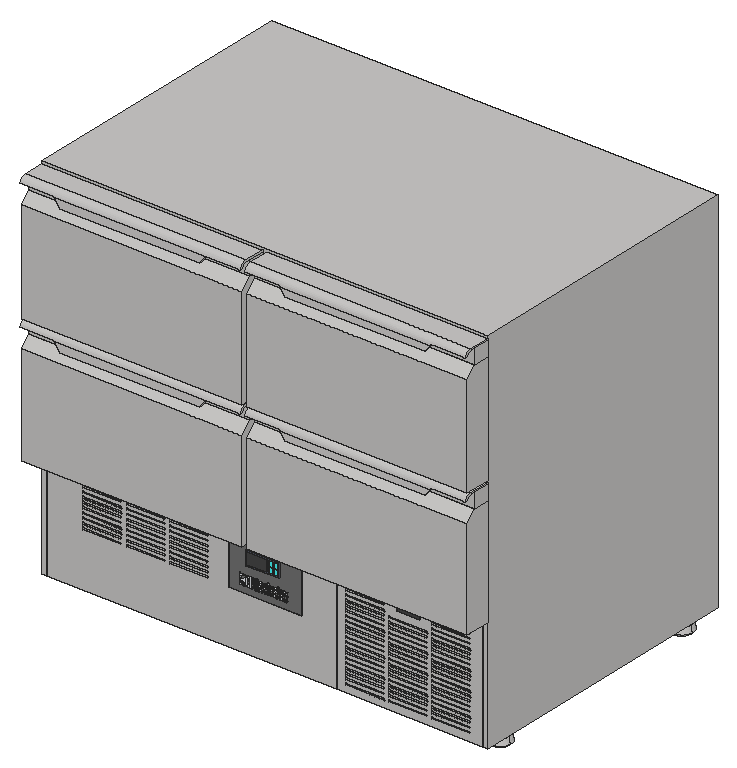
Revit family "QF_ELECTROLUXPROFESSIONAL_725112_SAL25N04", category Attrezzature speciali, Revit 2021
Family settings
  Quota connettore circolare = Usa diametro
  Tipo di parte = Normale
  Basato su piano di lavoro = No
  Sempre verticale = Sì
  Taglio con vuoti quando caricato = No
  Condiviso = No
  Punto di calcolo locali = No
Parameters (values of type "Standard")
  Weight = 85.00 kg
  Watts = 220 W
  Volts = 220 V
  URL Manufacturer = "https://www.electroluxprofessional.com/"
  URL = "https://www.electroluxprofessional.com/"
  Steam Supply Size = 0 mm
  Steam Supply Minimum Pressure = 0.0 Pa
  Steam Supply Maximum Pressure = 0.0 Pa
  Steam Consumption per Hour = 0
  Refrigeration Suction Line Size = 0 mm
  Refrigeration Liquid Line Size = 0 mm
  Refrigerant Compressor Remote = yes
  Prospetto di default = 0 mm
  Produttore = "Electrolux Professional"
  Phase = 1
  Modello = "SAL25N04"
  Length Actual = 950 mm  # constant formula
  Item Number = "725112"
  Hot Water Size = 0 mm
  Height Actual = 809 mm  # constant formula
  HP = "0.3 HP"
  Gas Size = 0 mm
  Gas KW = 0
  Gas Input Pressure = 0 W
  Direct Waste Size = 0 mm
  Descrizione = "4-DRAWER REFRIGERATED COUNTER 250L +2+10° - NO TOP R290"
  Depth Actual = 700 mm  # constant formula
  Cycle = 50 Hz
  Condensate Return Size = 0 mm
  Compressed Air Volume = 0.0 L/s
  Compressed Air Size = 0 mm
  Compressed Air Pressure = 0.0 Pa
  Cold Water Size = 0 mm
  Accessory = yes
Reference planes
  plane 1: z = 0
  plane 2 "Center (Left/Right)": x = -126.5
  plane 3 "Center (Front/Back)": y = 64.5
  plane 4 "BACK": y = 414.5
  plane 5 "FRONT": y = -285.5
  plane 6 "LEFT": x = -604
  plane 7 "RIGHT": x = 351
  plane 8 "FEET": z = 20
  plane 9 "TOP": z = 858
  plane 10 "PLAIN": z = 808
  plane 11 "EI_back": y = 414.5
  plane 12 "EI_left": x = 287.5
  plane 13 "BorderBack": y = 414.5
  plane 14 "BorderFront": y = -252.5
  plane 15 "DOOR": y = -197.5
  plane 16 "BorderLeft": x = -601.5
  plane 17 "BorderRight": x = 348.5
  plane 18: x = -576.5
  plane 19: x = 323.5
  plane 20: y = -701.5
  plane 21: z = 260
  plane 22 "FeetBack": y = 347.5
  plane 23 "FeetFront": y = -137.5
  plane 24 "FeetRight": x = 326.2
  plane 25 "FeetLeft": x = -579.2
  plane 26 "DrainX": x = -271.5
  plane 27 "DrainY": y = 91.5
  plane 28: z = 238
Forms (mm)
  Extrusion 1, solid, material "QF_Finishes_Stainless Steel"
    sketch origin (-1022.223, 359, -1763) x (-1, 0, 0) y (0, 0, -1)
      loop
        circle (-1309.723, -1883) r 5
    from -55.5 to -57.278
  Extrusion 2, solid, material "QF_Finishes_Stainless Steel"
    sketch origin (-1022.223, -1524, 20) x (-1, 0, 0) y (0, -1, 0)
      loop
        line (-420.723, -1938.5) -> (-420.723, -1326.5) -> (-1370.723, -1326.5) -> (-1370.723, -1938.5) -> (-420.723, -1938.5)
    from 0 to 788
  Extrusion 3, void
    sketch origin (0, 0, 0) x (1, 0, 0) y (0, 1, 0)
      loop
        line (-591.5, -197.5) -> (338.5, -197.5) -> (338.5, -195.5) -> (-591.5, -195.5) -> (-591.5, -197.5)
    from 20 to 260
  Extrusion 4, solid, material "QF_Finishes_Stainless Steel"
    sketch origin (0, 0, 0) x (1, 0, 0) y (0, 1, 0)
      loop
        line (-591.5, -195.5) -> (-591.5, -197.5) -> (26.373, -197.5) -> (26.373, -195.5) -> (-591.5, -195.5)
    from 20 to 260
  Extrusion 5, solid, material "QF_Finishes_Stainless Steel"
    sketch origin (0, 0, 0) x (1, 0, 0) y (0, 1, 0)
      loop
        line (26.373, -195.5) -> (26.373, -197.5) -> (338.5, -197.5) -> (338.5, -195.5) -> (26.373, -195.5)
    from 20 to 260
  Extrusion 6, void
    sketch origin (560, -285.5, 0) x (-1, 0, 0) y (0, 0, 1)
      loop
        line (514.036, 239.427) -> (431.036, 239.427) -> (431.036, 234.427) -> (514.036, 234.427) -> (514.036, 239.427)
      loop
        line (514.036, 229.427) -> (431.036, 229.427) -> (431.036, 224.427) -> (514.036, 224.427) -> (514.036, 229.427)
      loop
        line (514.036, 219.427) -> (431.036, 219.427) -> (431.036, 214.427) -> (514.036, 214.427) -> (514.036, 219.427)
      loop
        line (514.036, 209.427) -> (431.036, 209.427) -> (431.036, 204.427) -> (514.036, 204.427) -> (514.036, 209.427)
      loop
        line (514.036, 199.427) -> (431.036, 199.427) -> (431.036, 194.427) -> (514.036, 194.427) -> (514.036, 199.427)
      loop
        line (514.036, 189.427) -> (431.036, 189.427) -> (431.036, 184.427) -> (514.036, 184.427) -> (514.036, 189.427)
      loop
        line (514.036, 179.427) -> (431.036, 179.427) -> (431.036, 174.427) -> (514.036, 174.427) -> (514.036, 179.427)
      loop
        line (514.036, 169.427) -> (431.036, 169.427) -> (431.036, 164.427) -> (514.036, 164.427) -> (514.036, 169.427)
      loop
        line (514.036, 149.427) -> (431.036, 149.427) -> (431.036, 144.427) -> (514.036, 144.427) -> (514.036, 149.427)
      loop
        line (514.036, 139.427) -> (431.036, 139.427) -> (431.036, 134.427) -> (514.036, 134.427) -> (514.036, 139.427)
      loop
        line (422.036, 199.427) -> (339.036, 199.427) -> (339.036, 194.427) -> (422.036, 194.427) -> (422.036, 199.427)
      loop
        line (422.036, 189.427) -> (339.036, 189.427) -> (339.036, 184.427) -> (422.036, 184.427) -> (422.036, 189.427)
      loop
        line (422.036, 179.427) -> (339.036, 179.427) -> (339.036, 174.427) -> (422.036, 174.427) -> (422.036, 179.427)
      loop
        line (422.036, 149.427) -> (339.036, 149.427) -> (339.036, 144.427) -> (422.036, 144.427) -> (422.036, 149.427)
      loop
        line (422.036, 139.427) -> (339.036, 139.427) -> (339.036, 134.427) -> (422.036, 134.427) -> (422.036, 139.427)
      loop
        line (330.036, 239.427) -> (247.036, 239.427) -> (247.036, 234.427) -> (330.036, 234.427) -> (330.036, 239.427)
      loop
        line (330.036, 229.427) -> (247.036, 229.427) -> (247.036, 224.427) -> (330.036, 224.427) -> (330.036, 229.427)
      loop
        line (330.036, 219.427) -> (247.036, 219.427) -> (247.036, 214.427) -> (330.036, 214.427) -> (330.036, 219.427)
      loop
        line (330.036, 209.427) -> (247.036, 209.427) -> (247.036, 204.427) -> (330.036, 204.427) -> (330.036, 209.427)
      loop
        line (330.036, 199.427) -> (247.036, 199.427) -> (247.036, 194.427) -> (330.036, 194.427) -> (330.036, 199.427)
      loop
        line (330.036, 189.427) -> (247.036, 189.427) -> (247.036, 184.427) -> (330.036, 184.427) -> (330.036, 189.427)
      loop
        line (330.036, 179.427) -> (247.036, 179.427) -> (247.036, 174.427) -> (330.036, 174.427) -> (330.036, 179.427)
      loop
        line (330.036, 149.427) -> (247.036, 149.427) -> (247.036, 144.427) -> (330.036, 144.427) -> (330.036, 149.427)
      loop
        line (330.036, 139.427) -> (247.036, 139.427) -> (247.036, 134.427) -> (330.036, 134.427) -> (330.036, 139.427)
      loop
        line (422.036, 169.427) -> (339.036, 169.427) -> (339.036, 164.427) -> (422.036, 164.427) -> (422.036, 169.427)
      loop
        line (330.036, 169.427) -> (247.036, 169.427) -> (247.036, 164.427) -> (330.036, 164.427) -> (330.036, 169.427)
      loop
        line (514.036, 159.427) -> (431.036, 159.427) -> (431.036, 154.427) -> (514.036, 154.427) -> (514.036, 159.427)
      loop
        line (422.036, 159.427) -> (339.036, 159.427) -> (339.036, 154.427) -> (422.036, 154.427) -> (422.036, 159.427)
      loop
        line (330.036, 159.427) -> (247.036, 159.427) -> (247.036, 154.427) -> (330.036, 154.427) -> (330.036, 159.427)
      loop
        line (514.036, 129.427) -> (431.036, 129.427) -> (431.036, 124.427) -> (514.036, 124.427) -> (514.036, 129.427)
      loop
        line (514.036, 119.427) -> (431.036, 119.427) -> (431.036, 114.427) -> (514.036, 114.427) -> (514.036, 119.427)
      loop
        line (514.036, 109.427) -> (431.036, 109.427) -> (431.036, 104.427) -> (514.036, 104.427) -> (514.036, 109.427)
      loop
        line (514.036, 99.427) -> (431.036, 99.427) -> (431.036, 94.427) -> (514.036, 94.427) -> (514.036, 99.427)
      loop
        line (514.036, 79.427) -> (431.036, 79.427) -> (431.036, 74.427) -> (514.036, 74.427) -> (514.036, 79.427)
      loop
        line (514.036, 69.427) -> (431.036, 69.427) -> (431.036, 64.427) -> (514.036, 64.427) -> (514.036, 69.427)
      loop
        line (422.036, 129.427) -> (339.036, 129.427) -> (339.036, 124.427) -> (422.036, 124.427) -> (422.036, 129.427)
      loop
        line (422.036, 119.427) -> (339.036, 119.427) -> (339.036, 114.427) -> (422.036, 114.427) -> (422.036, 119.427)
      loop
        line (422.036, 109.427) -> (339.036, 109.427) -> (339.036, 104.427) -> (422.036, 104.427) -> (422.036, 109.427)
      loop
        line (422.036, 79.427) -> (339.036, 79.427) -> (339.036, 74.427) -> (422.036, 74.427) -> (422.036, 79.427)
      loop
        line (422.036, 69.427) -> (339.036, 69.427) -> (339.036, 64.427) -> (422.036, 64.427) -> (422.036, 69.427)
      loop
        line (330.036, 129.427) -> (247.036, 129.427) -> (247.036, 124.427) -> (330.036, 124.427) -> (330.036, 129.427)
      loop
        line (330.036, 119.427) -> (247.036, 119.427) -> (247.036, 114.427) -> (330.036, 114.427) -> (330.036, 119.427)
      loop
        line (330.036, 109.427) -> (247.036, 109.427) -> (247.036, 104.427) -> (330.036, 104.427) -> (330.036, 109.427)
      loop
        line (330.036, 79.427) -> (247.036, 79.427) -> (247.036, 74.427) -> (330.036, 74.427) -> (330.036, 79.427)
      loop
        line (330.036, 69.427) -> (247.036, 69.427) -> (247.036, 64.427) -> (330.036, 64.427) -> (330.036, 69.427)
      loop
        line (422.036, 99.427) -> (339.036, 99.427) -> (339.036, 94.427) -> (422.036, 94.427) -> (422.036, 99.427)
      loop
        line (330.036, 99.427) -> (247.036, 99.427) -> (247.036, 94.427) -> (330.036, 94.427) -> (330.036, 99.427)
      loop
        line (514.036, 89.427) -> (431.036, 89.427) -> (431.036, 84.427) -> (514.036, 84.427) -> (514.036, 89.427)
      loop
        line (422.036, 89.427) -> (339.036, 89.427) -> (339.036, 84.427) -> (422.036, 84.427) -> (422.036, 89.427)
      loop
        line (330.036, 89.427) -> (247.036, 89.427) -> (247.036, 84.427) -> (330.036, 84.427) -> (330.036, 89.427)
      loop
        line (514.036, 49.427) -> (431.036, 49.427) -> (431.036, 44.427) -> (514.036, 44.427) -> (514.036, 49.427)
      loop
        line (514.036, 39.427) -> (431.036, 39.427) -> (431.036, 34.427) -> (514.036, 34.427) -> (514.036, 39.427)
      loop
        line (422.036, 49.427) -> (339.036, 49.427) -> (339.036, 44.427) -> (422.036, 44.427) -> (422.036, 49.427)
      loop
        line (422.036, 39.427) -> (339.036, 39.427) -> (339.036, 34.427) -> (422.036, 34.427) -> (422.036, 39.427)
      loop
        line (330.036, 49.427) -> (247.036, 49.427) -> (247.036, 44.427) -> (330.036, 44.427) -> (330.036, 49.427)
      loop
        line (330.036, 39.427) -> (247.036, 39.427) -> (247.036, 34.427) -> (330.036, 34.427) -> (330.036, 39.427)
      loop
        line (514.036, 59.427) -> (431.036, 59.427) -> (431.036, 54.427) -> (514.036, 54.427) -> (514.036, 59.427)
      loop
        line (422.036, 59.427) -> (339.036, 59.427) -> (339.036, 54.427) -> (422.036, 54.427) -> (422.036, 59.427)
      loop
        line (330.036, 59.427) -> (247.036, 59.427) -> (247.036, 54.427) -> (330.036, 54.427) -> (330.036, 59.427)
      loop
        line (405.536, 239.427) -> (355.536, 239.427) -> (355.536, 214.427) -> (405.536, 214.427) -> (405.536, 239.427)
    from 88 to 90
  Extrusion 7, solid, material "QF_Finishes_Black"
    sketch origin (0, -285.5, 0) x (-1, 0, 0) y (0, 0, 1)
      loop
        line (-154.464, 239.427) -> (-204.464, 239.427) -> (-204.464, 214.427) -> (-154.464, 214.427) -> (-154.464, 239.427)
    from 88 to 90
  Extrusion 8, solid, material "QF_Finishes_Stainless Steel"
    sketch origin (-1022.223, -1524, 20) x (-1, 0, 0) y (0, -1, 0)
      loop
        circle (-750.723, -1615.5) r 6.35
    from 199.427 to 218
  Extrusion 9, void
    sketch origin (0, -285.5, 0) x (-1, 0, 0) y (0, 0, 1)
      loop
        line (514.036, 239.427) -> (431.036, 239.427) -> (431.036, 234.427) -> (514.036, 234.427) -> (514.036, 239.427)
      loop
        line (514.036, 229.427) -> (431.036, 229.427) -> (431.036, 224.427) -> (514.036, 224.427) -> (514.036, 229.427)
      loop
        line (514.036, 219.427) -> (431.036, 219.427) -> (431.036, 214.427) -> (514.036, 214.427) -> (514.036, 219.427)
      loop
        line (514.036, 209.427) -> (431.036, 209.427) -> (431.036, 204.427) -> (514.036, 204.427) -> (514.036, 209.427)
      loop
        line (514.036, 199.427) -> (431.036, 199.427) -> (431.036, 194.427) -> (514.036, 194.427) -> (514.036, 199.427)
      loop
        line (514.036, 189.427) -> (431.036, 189.427) -> (431.036, 184.427) -> (514.036, 184.427) -> (514.036, 189.427)
      loop
        line (514.036, 179.427) -> (431.036, 179.427) -> (431.036, 174.427) -> (514.036, 174.427) -> (514.036, 179.427)
      loop
        line (514.036, 169.427) -> (431.036, 169.427) -> (431.036, 164.427) -> (514.036, 164.427) -> (514.036, 169.427)
      loop
        line (514.036, 149.427) -> (431.036, 149.427) -> (431.036, 144.427) -> (514.036, 144.427) -> (514.036, 149.427)
      loop
        line (514.036, 139.427) -> (431.036, 139.427) -> (431.036, 134.427) -> (514.036, 134.427) -> (514.036, 139.427)
      loop
        line (422.036, 199.427) -> (339.036, 199.427) -> (339.036, 194.427) -> (422.036, 194.427) -> (422.036, 199.427)
      loop
        line (422.036, 189.427) -> (339.036, 189.427) -> (339.036, 184.427) -> (422.036, 184.427) -> (422.036, 189.427)
      loop
        line (422.036, 179.427) -> (339.036, 179.427) -> (339.036, 174.427) -> (422.036, 174.427) -> (422.036, 179.427)
      loop
        line (422.036, 149.427) -> (339.036, 149.427) -> (339.036, 144.427) -> (422.036, 144.427) -> (422.036, 149.427)
      loop
        line (422.036, 139.427) -> (339.036, 139.427) -> (339.036, 134.427) -> (422.036, 134.427) -> (422.036, 139.427)
      loop
        line (330.036, 239.427) -> (247.036, 239.427) -> (247.036, 234.427) -> (330.036, 234.427) -> (330.036, 239.427)
      loop
        line (330.036, 229.427) -> (247.036, 229.427) -> (247.036, 224.427) -> (330.036, 224.427) -> (330.036, 229.427)
      loop
        line (330.036, 219.427) -> (247.036, 219.427) -> (247.036, 214.427) -> (330.036, 214.427) -> (330.036, 219.427)
      loop
        line (330.036, 209.427) -> (247.036, 209.427) -> (247.036, 204.427) -> (330.036, 204.427) -> (330.036, 209.427)
      loop
        line (330.036, 199.427) -> (247.036, 199.427) -> (247.036, 194.427) -> (330.036, 194.427) -> (330.036, 199.427)
      loop
        line (330.036, 189.427) -> (247.036, 189.427) -> (247.036, 184.427) -> (330.036, 184.427) -> (330.036, 189.427)
      loop
        line (330.036, 179.427) -> (247.036, 179.427) -> (247.036, 174.427) -> (330.036, 174.427) -> (330.036, 179.427)
      loop
        line (330.036, 149.427) -> (247.036, 149.427) -> (247.036, 144.427) -> (330.036, 144.427) -> (330.036, 149.427)
      loop
        line (330.036, 139.427) -> (247.036, 139.427) -> (247.036, 134.427) -> (330.036, 134.427) -> (330.036, 139.427)
      loop
        line (422.036, 169.427) -> (339.036, 169.427) -> (339.036, 164.427) -> (422.036, 164.427) -> (422.036, 169.427)
      loop
        line (330.036, 169.427) -> (247.036, 169.427) -> (247.036, 164.427) -> (330.036, 164.427) -> (330.036, 169.427)
      loop
        line (514.036, 159.427) -> (431.036, 159.427) -> (431.036, 154.427) -> (514.036, 154.427) -> (514.036, 159.427)
      loop
        line (422.036, 159.427) -> (339.036, 159.427) -> (339.036, 154.427) -> (422.036, 154.427) -> (422.036, 159.427)
      loop
        line (330.036, 159.427) -> (247.036, 159.427) -> (247.036, 154.427) -> (330.036, 154.427) -> (330.036, 159.427)
      loop
        line (422.036, 239.427) -> (339.036, 239.427) -> (339.036, 234.427) -> (422.036, 234.427) -> (422.036, 239.427)
      loop
        line (422.036, 229.427) -> (339.036, 229.427) -> (339.036, 224.427) -> (422.036, 224.427) -> (422.036, 229.427)
      loop
        line (422.036, 219.427) -> (339.036, 219.427) -> (339.036, 214.427) -> (422.036, 214.427) -> (422.036, 219.427)
      loop
        line (422.036, 209.427) -> (339.036, 209.427) -> (339.036, 204.427) -> (422.036, 204.427) -> (422.036, 209.427)
      loop
        line (204.5, 134.427) -> (204.5, 239.427) -> (48.5, 239.427) -> (48.5, 134.427) -> (204.5, 134.427)
    from 88 to 90
Cuts and joins
  Extrusion 3, Extrusion 6, Extrusion 9 cuts Extrusion 2
  Extrusion 6, Extrusion 9 cuts Extrusion 4
  Extrusion 6 cuts Extrusion 5
Lines and regions (mm)
  symbolic lines, style "SpecialityEquipmentHiddenLines"
    curve 1: line (-601.5, 414.5, 808) -> (348.5, 414.5, 808)
    curve 2: line (-601.5, -197.5, 808) -> (348.5, -197.5, 808)
    curve 3: line (-601.5, 414.5, 808) -> (-601.5, -252.5, 808)
    curve 4: line (348.5, -252.5, 808) -> (348.5, 414.5, 808)
    curve 5: line (-601.5, -252.5, 808) -> (-131.5, -252.5, 808)
    curve 6: line (-131.5, -252.5, 808) -> (-131.5, -197.5, 808)
    curve 7: line (-121.5, -252.5, 808) -> (-121.5, -197.5, 808)
    curve 8: line (-121.5, -252.5, 808) -> (348.5, -252.5, 808)
Dimensions and locks
  equal spacing: plane 6 "LEFT", plane 2 "Center (Left/Right)", plane 7 "RIGHT"
  plane 8 "FEET" to level = 20 mm
  plane 4 "BACK" to plane 13 "BorderBack" = 0 mm
  plane 14 "BorderFront" to plane 5 "FRONT" = 33 mm
  plane 15 "DOOR" to plane 14 "BorderFront" = 55 mm
  plane 6 "LEFT" to plane 16 "BorderLeft" = 2.5 mm
  plane 17 "BorderRight" to plane 7 "RIGHT" = 2.5 mm
  plane 10 "PLAIN" to plane 8 "FEET" = 788 mm
  plane 9 "TOP" to plane 10 "PLAIN" = 50 mm
  plane 19 to plane 17 "BorderRight" = 25 mm
  plane 13 "BorderBack" to plane 11 "EI_back" = 0 mm
  plane 6 "LEFT" to plane 7 "RIGHT" = 955 mm
  plane 4 "BACK" to plane 5 "FRONT" = 700 mm
  equal spacing: plane 4 "BACK", plane 3 "Center (Front/Back)", plane 5 "FRONT"
  plane 13 "BorderBack" to plane 20 = 1116 mm
  plane 21 to plane 8 "FEET" = 240 mm
  plane 13 "BorderBack" to plane 22 "FeetBack" = 67 mm
  plane 23 "FeetFront" to plane 15 "DOOR" = 60 mm
  plane 24 "FeetRight" to plane 17 "BorderRight" = 22.3 mm
  plane 12 "EI_left" to plane 17 "BorderRight" = 61 mm
  plane 13 "BorderBack" to plane 27 "DrainY" = 323 mm
  plane 16 "BorderLeft" to plane 26 "DrainX" = 330 mm
  plane 28 to plane 8 "FEET" = 218 mm
  aligned and locked: level to plane 1
Automatic sketch dimensions
  Extrusion 1 sketch curve to plane 12 "EI_left" = 0 mm
  plane 8 "FEET" to Extrusion 1 sketch curve = 100 mm
  Extrusion 2 sketch curve to plane 4 "BACK" = 0 mm
  Extrusion 2 sketch curve to plane 17 "BorderRight" = 0 mm
  Extrusion 2 sketch curve to plane 15 "DOOR" = 0 mm
  Extrusion 2 sketch curve to plane 16 "BorderLeft" = 0 mm
  Extrusion 3 sketch curve to plane 15 "DOOR" = 0 mm
  plane 16 "BorderLeft" to Extrusion 3 sketch curve = 10 mm
  Extrusion 3 sketch curve to plane 17 "BorderRight" = 10 mm
  plane 15 "DOOR" to Extrusion 3 sketch curve = 2 mm
  Extrusion 4 sketch curve to plane 15 "DOOR" = 0 mm
  plane 16 "BorderLeft" to Extrusion 4 sketch curve = 10 mm
  plane 2 "Center (Left/Right)" to Extrusion 4 sketch curve = 152.873 mm
  plane 15 "DOOR" to Extrusion 4 sketch curve = 2 mm
  Extrusion 5 sketch curve to plane 15 "DOOR" = 0 mm
  plane 2 "Center (Left/Right)" to Extrusion 5 sketch curve = 152.873 mm
  Extrusion 5 sketch curve to plane 17 "BorderRight" = 10 mm
  plane 15 "DOOR" to Extrusion 5 sketch curve = 2 mm
  Extrusion 6 sketch curve to plane 19 = 10.536 mm  (x6)
  Extrusion 6 sketch curve to Extrusion 6 sketch curve = 0 mm  (x96)
  Extrusion 6 sketch curve to Extrusion 6 sketch curve = 83 mm  (x4)
  Extrusion 6 sketch curve to plane 21 = 20.573 mm  (x2)
  Extrusion 6 sketch curve to Extrusion 6 sketch curve = 9 mm  (x11)
  Extrusion 6 sketch curve to Extrusion 6 sketch curve = 66.5 mm
  Extrusion 6 sketch curve to Extrusion 6 sketch curve = 16.5 mm
  plane 8 "FEET" to Extrusion 6 sketch curve = 29.427 mm  (x2)
  Extrusion 6 sketch curve to Extrusion 6 sketch curve = 5 mm  (x115)
  Extrusion 6 sketch curve to Extrusion 6 sketch curve = 15 mm
  Extrusion 6 sketch curve to Extrusion 6 sketch curve = 25.5 mm
  Extrusion 7 sketch curve to plane 21 = 20.573 mm
  Extrusion 7 sketch curve to plane 19 = 119.036 mm
  Extrusion 7 sketch curve to Extrusion 7 sketch curve = 50 mm
  Extrusion 7 sketch curve to Extrusion 7 sketch curve = 25 mm
  Extrusion 8 sketch curve to plane 26 "DrainX" = 0 mm
  Extrusion 8 sketch curve to plane 27 "DrainY" = 0 mm
  curve 8 to plane 14 "BorderFront" = 0 mm
  curve 8 to plane 17 "BorderRight" = 0 mm
  curve 1 to plane 4 "BACK" = 0 mm
  curve 2 to plane 15 "DOOR" = 0 mm
  curve 5 to plane 14 "BorderFront" = 0 mm
  curve 2 to plane 16 "BorderLeft" = 0 mm
  plane 2 "Center (Left/Right)" to curve 7 = 5 mm
  curve 5 to plane 2 "Center (Left/Right)" = 5 mm
  plane 2 "Center (Left/Right)" to Extrusion 9 sketch curve = 78 mm
  plane 28 to Extrusion 9 sketch curve = 1.427 mm  (x4)
  plane 26 "DrainX" to Extrusion 9 sketch curve = 67 mm
  plane 26 "DrainX" to Extrusion 9 sketch curve = 24.464 mm  (x2)
  Extrusion 9 sketch curve to Extrusion 9 sketch curve = 0 mm  (x56)
  Extrusion 9 sketch curve to plane 26 "DrainX" = 58.536 mm
  Extrusion 9 sketch curve to Extrusion 9 sketch curve = 9 mm  (x6)
  Extrusion 9 sketch curve to Extrusion 9 sketch curve = 83 mm
  Extrusion 9 sketch curve to plane 28 = 3.573 mm  (x3)
  Extrusion 9 sketch curve to plane 28 = 13.573 mm  (x2)
  plane 18 to Extrusion 9 sketch curve = 62.464 mm  (x2)
  Extrusion 9 sketch curve to Extrusion 9 sketch curve = 5 mm  (x57)
  radius of Extrusion 1 sketch curve = 5 mm
  radius of Extrusion 8 sketch curve = 6.35 mm
Nested families
  nested 1: "HORIZREF_HALF" at (-366.5, -197.5, 531.5) x (1, 0, 0) z (0, -1, 0), type "HORIZREF_HALF"
    with Show Clearance yes
  nested 2: "HORIZREF_ELX_DISPLAY" at (-126.5, -195.5, 184.427) x (1, 0, 0) z (0, -1, 0), type "HORIZREF_ELX_DISPLAY"
    with Show Logo yes
  nested 3: "HORIZREF_FEET20" at (326.2, -137.5, 0), type "HORIZREF_FEET20"
  nested 4: "HORIZREF_FEET20" at (326.2, 347.5, 0), type "HORIZREF_FEET20"
  nested 5: "HORIZREF_FEET20" at (-579.2, -137.5, 0), type "HORIZREF_FEET20"
  nested 6: "HORIZREF_FEET20" at (-579.2, 347.5, 0), type "HORIZREF_FEET20"
  nested 7: "HORIZREF_HALF" at (113.5, -197.5, 531.5) x (1, 0, 0) z (0, -1, 0), type "HORIZREF_HALF"
    with Show Clearance yes
  nested 8: "Refrigerator" at (351, -285.5, 808), type "Refrigerator"
Connectors
  electrical at (287.5, 416.278, 120), driven by "Volts"
    settings: on Extrusion 1, index 1, voltage 220 V, apparent load 0 VA, apparent load phase1 0 VA, apparent load phase2 0 VA, apparent load phase3 0 VA, power factor 1, load classification "Other", number of poles 1, system type 31, power factor state 1, is connector primary yes, connector utility no, sub classification motor no, connector description "Electrical Connection"
  piping at (-271.5, 91.5, 219.427), diameter 12.7
    settings: on Extrusion 8, index 2, connector inside diameter 609.6 mm, connector length 0 mm, flow factor 0, pipe flow 0.0 L/s, pressure drop 0.0 Pa, fitting loss kfactor 0, connector angle 0.00°, fixture units 0, engagement length 0 mm, angle of deflection 0.00°, flow configuration 0, flow direction 2, fitting loss method 0, system type 16, joint type 0, gender type 0, connector reference index -1, connector utility 0, adjustable connector no, is connector primary yes, connector description "Drain"
Definition of nested family "HORIZREF_HALF"
  Parameters
    Show Clearance [instance] = yes
    Default Elevation = 1219.2 mm
  Reference planes
    plane 1 "Centro (Fronte/Retro)": y = 0
    plane 2: z = 0
    plane 3 "Centro (Sinistra/Destra)": x = 0
    plane 4 "Left": x = -235
    plane 5 "Right": x = 235
    plane 6: y = -271.5
    plane 7: y = 271.5
  Forms (mm)
    Extrusion 1, solid
      sketch origin (0, 0, 0) x (1, 0, 0) y (0, 1, 0)
        loop
          line (-1219.2, 1219.2) -> (-1219.2, -1219.2) -> (1219.2, -1219.2) -> (1219.2, 1219.2) -> (-1219.2, 1219.2)
      from 0 to -304.8
    Extrusion 2, solid
      sketch origin (0, -42.5, -3) x (0, 1, 0) y (0, 0, 1)
        loop
          line (42.5, 58) -> (42.5, 3) -> (279.183, 3) -> (279.183, 37.596) -> (258.779, 58) -> (42.5, 58)
      from -235 to 235
    Extrusion 3, solid
      sketch origin (0, -42.5, 0) x (0, 1, 0) y (0, 0, 1)
        loop
          line (314, 0) -> (314, 44.493)
          arc (314, 44.493) -> (310.059, 54.627) -> (300.307, 59.436) r 15
          line (300.307, 59.436) -> (285.612, 60.721) -> (285.351, 57.733) -> (300.046, 56.447)
          arc (300.046, 56.447) -> (307.847, 52.6) -> (311, 44.493) r 12
          line (311, 44.493) -> (311, 0) -> (314, 0)
      from -235 to 235
    Extrusion 4, void
      sketch origin (0, -42.5, 0) x (1, 0, 0) y (0, 1, 0)
        loop
          line (-235, 285.351) -> (-147.017, 285.351)
          arc (-147.017, 285.351) -> (-148.802, 285.771) -> (-150.212, 286.944) r 4
          line (-150.212, 286.944) -> (-160.798, 300.992)
          arc (-160.798, 300.992) -> (-162.208, 302.165) -> (-163.992, 302.585) r 4
          line (-163.992, 302.585) -> (-235, 302.585) -> (-235, 285.351)
        loop
          line (235, 285.351) -> (235, 302.585) -> (163.992, 302.585)
          arc (163.992, 302.585) -> (162.208, 302.165) -> (160.798, 300.992) r 4
          line (160.798, 300.992) -> (150.212, 286.944)
          arc (150.212, 286.944) -> (148.802, 285.771) -> (147.017, 285.351) r 4
          line (147.017, 285.351) -> (235, 285.351)
      from 29.294 to 84.515
    Extrusion 5, solid
      sketch origin (0, -42.5, -3) x (0, 1, 0) y (0, 0, 1)
        loop
          line (279.183, 37.596) -> (279.183, 3) -> (311, 3) -> (311, 37.596) -> (279.183, 37.596)
      from -235 to 235
    Extrusion 6, solid
      sketch origin (0, -42.5, -3) x (0, 1, 0) y (0, 0, 1)
        loop
          line (-229, 58) -> (-229, 3) -> (4.183, 3) -> (4.183, 37.596) -> (-16.221, 58) -> (-229, 58)
      from -235 to 235
    Extrusion 7, solid
      sketch origin (0, -317.5, 0) x (0, 1, 0) y (0, 0, 1)
        loop
          line (314, 0) -> (314, 44.493)
          arc (314, 44.493) -> (310.059, 54.627) -> (300.307, 59.436) r 15
          line (300.307, 59.436) -> (285.612, 60.721) -> (285.351, 57.733) -> (300.046, 56.447)
          arc (300.046, 56.447) -> (307.847, 52.6) -> (311, 44.493) r 12
          line (311, 44.493) -> (311, 0) -> (314, 0)
      from -235 to 235
    Extrusion 8, solid
      sketch origin (0, -317.5, -3) x (0, 1, 0) y (0, 0, 1)
        loop
          line (279.183, 37.596) -> (279.183, 3) -> (311, 3) -> (311, 37.596) -> (279.183, 37.596)
      from -235 to 235
    Extrusion 9, solid, detail levels coarse
      sketch origin (0, -42.5, 446) x (0, 1, 0) y (0, 0, 1)
        loop
          line (42.5, 58) -> (42.5, 3) -> (279.183, 3) -> (279.183, 37.596) -> (258.779, 58) -> (42.5, 58)
      from -235 to 235
    Extrusion 10, solid, detail levels coarse
      sketch origin (0, -42.5, 446) x (0, 1, 0) y (0, 0, 1)
        loop
          line (-229, 58) -> (-229, 3) -> (4.183, 3) -> (4.183, 37.596) -> (-16.221, 58) -> (-229, 58)
      from -235 to 235
    Extrusion 11, solid, detail levels coarse
      sketch origin (0, -42.5, 454) x (0, 1, 0) y (0, 0, 1)
        loop
          line (314, -5) -> (314, 39.493)
          arc (314, 39.493) -> (310.059, 49.627) -> (300.307, 54.436) r 15
          line (300.307, 54.436) -> (285.612, 55.721) -> (285.351, 52.733) -> (300.046, 51.447)
          arc (300.046, 51.447) -> (307.847, 47.6) -> (311, 39.493) r 12
          line (311, 39.493) -> (311, -5) -> (314, -5)
      from -235 to 235
    Extrusion 12, solid, detail levels coarse
      sketch origin (0, -317.5, 454) x (0, 1, 0) y (0, 0, 1)
        loop
          line (314, -5) -> (314, 39.493)
          arc (314, 39.493) -> (310.059, 49.627) -> (300.307, 54.436) r 15
          line (300.307, 54.436) -> (285.612, 55.721) -> (285.351, 52.733) -> (300.046, 51.447)
          arc (300.046, 51.447) -> (307.847, 47.6) -> (311, 39.493) r 12
          line (311, 39.493) -> (311, -5) -> (314, -5)
      from -235 to 235
    Extrusion 13, void
      sketch origin (0, -42.5, 0) x (1, 0, 0) y (0, 1, 0)
        loop
          line (-235, 285.351) -> (-147.017, 285.351)
          arc (-147.017, 285.351) -> (-148.802, 285.771) -> (-150.212, 286.944) r 4
          line (-150.212, 286.944) -> (-160.798, 300.992)
          arc (-160.798, 300.992) -> (-162.208, 302.165) -> (-163.992, 302.585) r 4
          line (-163.992, 302.585) -> (-235, 302.585) -> (-235, 285.351)
        loop
          line (235, 285.351) -> (235, 302.585) -> (163.992, 302.585)
          arc (163.992, 302.585) -> (162.208, 302.165) -> (160.798, 300.992) r 4
          line (160.798, 300.992) -> (150.212, 286.944)
          arc (150.212, 286.944) -> (148.802, 285.771) -> (147.017, 285.351) r 4
          line (147.017, 285.351) -> (235, 285.351)
      from 489.516 to 524.362
    Extrusion 14, void
      sketch origin (0, -317.5, 0) x (1, 0, 0) y (0, 1, 0)
        loop
          line (-235, 285.351) -> (-147.017, 285.351)
          arc (-147.017, 285.351) -> (-148.802, 285.771) -> (-150.212, 286.944) r 4
          line (-150.212, 286.944) -> (-160.798, 300.992)
          arc (-160.798, 300.992) -> (-162.208, 302.165) -> (-163.992, 302.585) r 4
          line (-163.992, 302.585) -> (-235, 302.585) -> (-235, 285.351)
        loop
          line (235, 285.351) -> (235, 302.585) -> (163.992, 302.585)
          arc (163.992, 302.585) -> (162.208, 302.165) -> (160.798, 300.992) r 4
          line (160.798, 300.992) -> (150.212, 286.944)
          arc (150.212, 286.944) -> (148.802, 285.771) -> (147.017, 285.351) r 4
          line (147.017, 285.351) -> (235, 285.351)
      from 489.516 to 524.362
    Extrusion 15, solid, detail levels coarse
      sketch origin (0, -42.5, 446) x (0, 1, 0) y (0, 0, 1)
        loop
          line (279.183, 37.596) -> (279.183, 3) -> (311, 3) -> (311, 37.596) -> (279.183, 37.596)
      from -235 to 235
    Extrusion 16, solid, detail levels coarse
      sketch origin (0, -317.5, 446) x (0, 1, 0) y (0, 0, 1)
        loop
          line (279.183, 37.596) -> (279.183, 3) -> (311, 3) -> (311, 37.596) -> (279.183, 37.596)
      from -235 to 235
    Extrusion 17, void
      sketch origin (0, -317.5, 0) x (1, 0, 0) y (0, 1, 0)
        loop
          line (-235, 285.351) -> (-147.017, 285.351)
          arc (-147.017, 285.351) -> (-148.802, 285.771) -> (-150.212, 286.944) r 4
          line (-150.212, 286.944) -> (-160.798, 300.992)
          arc (-160.798, 300.992) -> (-162.208, 302.165) -> (-163.992, 302.585) r 4
          line (-163.992, 302.585) -> (-235, 302.585) -> (-235, 285.351)
        loop
          line (235, 285.351) -> (235, 302.585) -> (163.992, 302.585)
          arc (163.992, 302.585) -> (162.208, 302.165) -> (160.798, 300.992) r 4
          line (160.798, 300.992) -> (150.212, 286.944)
          arc (150.212, 286.944) -> (148.802, 285.771) -> (147.017, 285.351) r 4
          line (147.017, 285.351) -> (235, 285.351)
      from 43.914 to 69.256
    Extrusion 18, solid, detail levels coarse
      sketch origin (0, 0, 0) x (0, 1, 0) y (0, 0, 1)
        loop
          line (0, 449) -> (0, 55) -> (200, 55) -> (200, 449) -> (0, 449)
        loop
          line (-271.5, 449) -> (-271.5, 55) -> (-71.5, 55) -> (-71.5, 449) -> (-271.5, 449)
      from -164 to 164
  Cuts and joins
    Extrusion 4, Extrusion 13 cuts Extrusion 3
    Extrusion 13 cuts Extrusion 5
    Extrusion 14, Extrusion 17 cuts Extrusion 7
    Extrusion 14 cuts Extrusion 8
    Extrusion 14, Extrusion 17 cuts Extrusion 12
    Extrusion 13 cuts Extrusion 11
  Lines and regions (mm)
    symbolic lines
      curve 1: line (164, 0, 239) -> (164, 0, 88)
      curve 2: line (-164, 0, 239) -> (-164, 0, 88)
      curve 3: line (235, 0, 454) -> (235, 0, 504.219)
      curve 4: line (-235, 0, 454) -> (235, 0, 454)
      curve 5: line (-235, 0, 504.219) -> (-235, 0, 454)
      curve 6: line (-235, 0, 504.219) -> (235, 0, 504.219)
      curve 7: line (235, 0, 239) -> (235, 0, 294)
      curve 8: line (-235, 0, 239) -> (235, 0, 239)
      curve 9: line (-235, 0, 294) -> (-235, 0, 239)
      curve 10: line (-235, 0, 294) -> (235, 0, 294)
      curve 11: line (164, 0, 454) -> (164, 0, 294)
      curve 12: line (-164, 0, 454) -> (-164, 0, 294)
  Dimensions and locks
    plane 4 "Left" to plane 3 "Centro (Sinistra/Destra)" to plane 5 "Right" = 235 mm, 235 mm
    equal spacing: plane 7, plane 1 "Centro (Fronte/Retro)", plane 6
    plane 7 to plane 6 = 543 mm
    aligned and locked: plane 2 to Extrusion 1
    aligned and locked: level to Extrusion 1
  Automatic sketch dimensions
    Extrusion 1 sketch curve to Extrusion 1 sketch curve = 2438.4 mm  (x2)
    Extrusion 2 sketch curve to plane 1 "Centro (Fronte/Retro)" = 0 mm
    Extrusion 2 sketch curve to level = 0 mm
    Extrusion 2 sketch curve to plane 7 = 55.221 mm
    Extrusion 2 sketch curve to Extrusion 2 sketch curve = 20.404 mm  (x2)
    level to Extrusion 2 sketch curve = 34.596 mm
    Extrusion 3 sketch curve to Extrusion 3 sketch curve = 0 mm  (x2)
    Extrusion 3 sketch curve to level = 0 mm
    Extrusion 3 sketch curve to plane 7 = 0 mm
    Extrusion 3 sketch curve to Extrusion 3 sketch curve = 3 mm
    Extrusion 3 sketch curve to plane 7 = 13.693 mm
    Extrusion 3 sketch curve to Extrusion 3 sketch curve = 0.261 mm  (x2)
    Extrusion 3 sketch curve to Extrusion 3 sketch curve = 1.046 mm
    Extrusion 3 sketch curve to Extrusion 3 sketch curve = 14.695 mm
    level to Extrusion 3 sketch curve = 44.493 mm
    Extrusion 4 sketch curve to plane 4 "Left" = 0 mm
    Extrusion 4 sketch curve to plane 5 "Right" = 0 mm
    Extrusion 4 sketch curve to plane 7 = 11.415 mm
    Extrusion 4 sketch curve to Extrusion 4 sketch curve = 71.008 mm
    Extrusion 4 sketch curve to plane 7 = 13.008 mm  (x2)
    Extrusion 4 sketch curve to Extrusion 4 sketch curve = 3.195 mm  (x4)
    Extrusion 4 sketch curve to plane 7 = 27.056 mm  (x2)
    Extrusion 4 sketch curve to Extrusion 4 sketch curve = 10.586 mm  (x2)
    Extrusion 4 sketch curve to plane 7 = 24.649 mm
    Extrusion 4 sketch curve to plane 5 "Right" = 87.983 mm
    Extrusion 4 sketch curve to Extrusion 4 sketch curve = 17.234 mm
    Extrusion 4 sketch curve to Extrusion 4 sketch curve = 2.407 mm
    Extrusion 4 sketch curve to Extrusion 4 sketch curve = 0 mm  (x2)
    Extrusion 5 sketch curve to level = 0 mm
    Extrusion 5 sketch curve to plane 7 = 34.817 mm
    Extrusion 5 sketch curve to plane 7 = 3 mm
    level to Extrusion 5 sketch curve = 34.596 mm
    Extrusion 6 sketch curve to plane 6 = 0 mm
    Extrusion 6 sketch curve to level = 0 mm
    plane 1 "Centro (Fronte/Retro)" to Extrusion 6 sketch curve = 58.721 mm
    Extrusion 6 sketch curve to Extrusion 6 sketch curve = 20.404 mm  (x2)
    Extrusion 6 sketch curve to Extrusion 6 sketch curve = 34.596 mm
    Extrusion 7 sketch curve to Extrusion 7 sketch curve = 0 mm  (x2)
    Extrusion 7 sketch curve to level = 0 mm
    plane 1 "Centro (Fronte/Retro)" to Extrusion 7 sketch curve = 32.149 mm
    Extrusion 7 sketch curve to Extrusion 7 sketch curve = 0.261 mm  (x2)
    plane 1 "Centro (Fronte/Retro)" to Extrusion 7 sketch curve = 18.5 mm
    Extrusion 7 sketch curve to Extrusion 7 sketch curve = 1.046 mm
    plane 1 "Centro (Fronte/Retro)" to Extrusion 7 sketch curve = 6.5 mm
    Extrusion 7 sketch curve to Extrusion 7 sketch curve = 3 mm
    Extrusion 7 sketch curve to Extrusion 7 sketch curve = 44.493 mm
    Extrusion 8 sketch curve to level = 0 mm
    plane 1 "Centro (Fronte/Retro)" to Extrusion 8 sketch curve = 38.317 mm
    plane 1 "Centro (Fronte/Retro)" to Extrusion 8 sketch curve = 6.5 mm
    Extrusion 8 sketch curve to Extrusion 8 sketch curve = 34.596 mm
    Extrusion 9 sketch curve to plane 1 "Centro (Fronte/Retro)" = 0 mm
    Extrusion 9 sketch curve to plane 7 = 55.221 mm
    Extrusion 9 sketch curve to Extrusion 9 sketch curve = 20.404 mm  (x2)
    level to Extrusion 9 sketch curve = 449 mm
    Extrusion 9 sketch curve to Extrusion 9 sketch curve = 34.596 mm
    Extrusion 10 sketch curve to plane 6 = 0 mm
    plane 1 "Centro (Fronte/Retro)" to Extrusion 10 sketch curve = 58.721 mm
    Extrusion 10 sketch curve to Extrusion 10 sketch curve = 20.404 mm  (x2)
    level to Extrusion 10 sketch curve = 449 mm
    Extrusion 10 sketch curve to Extrusion 10 sketch curve = 34.596 mm
    Extrusion 11 sketch curve to Extrusion 11 sketch curve = 0 mm  (x2)
    Extrusion 11 sketch curve to plane 7 = 0 mm
    Extrusion 11 sketch curve to plane 7 = 3 mm
    Extrusion 11 sketch curve to plane 7 = 13.693 mm
    Extrusion 11 sketch curve to Extrusion 11 sketch curve = 0.261 mm  (x2)
    Extrusion 11 sketch curve to Extrusion 11 sketch curve = 1.046 mm
    Extrusion 11 sketch curve to Extrusion 11 sketch curve = 14.695 mm
    level to Extrusion 11 sketch curve = 449 mm
    Extrusion 11 sketch curve to Extrusion 11 sketch curve = 44.493 mm
    Extrusion 12 sketch curve to Extrusion 12 sketch curve = 0 mm  (x2)
    plane 1 "Centro (Fronte/Retro)" to Extrusion 12 sketch curve = 32.149 mm
    Extrusion 12 sketch curve to Extrusion 12 sketch curve = 0.261 mm  (x2)
    plane 1 "Centro (Fronte/Retro)" to Extrusion 12 sketch curve = 18.5 mm
    Extrusion 12 sketch curve to Extrusion 12 sketch curve = 1.046 mm
    plane 1 "Centro (Fronte/Retro)" to Extrusion 12 sketch curve = 6.5 mm
    Extrusion 12 sketch curve to Extrusion 12 sketch curve = 3 mm
    level to Extrusion 12 sketch curve = 449 mm
    Extrusion 12 sketch curve to Extrusion 12 sketch curve = 44.493 mm
    Extrusion 13 sketch curve to plane 4 "Left" = 0 mm
    Extrusion 13 sketch curve to plane 5 "Right" = 0 mm
    Extrusion 13 sketch curve to plane 7 = 11.415 mm
    Extrusion 13 sketch curve to Extrusion 13 sketch curve = 71.008 mm
    Extrusion 13 sketch curve to plane 7 = 13.008 mm  (x2)
    Extrusion 13 sketch curve to Extrusion 13 sketch curve = 3.195 mm  (x4)
    Extrusion 13 sketch curve to plane 7 = 27.056 mm  (x2)
    Extrusion 13 sketch curve to Extrusion 13 sketch curve = 10.586 mm  (x2)
    Extrusion 13 sketch curve to plane 7 = 24.649 mm
    Extrusion 13 sketch curve to plane 5 "Right" = 87.983 mm
    Extrusion 13 sketch curve to Extrusion 13 sketch curve = 17.234 mm
    Extrusion 13 sketch curve to Extrusion 13 sketch curve = 2.407 mm
    Extrusion 13 sketch curve to Extrusion 13 sketch curve = 0 mm  (x2)
    Extrusion 14 sketch curve to plane 4 "Left" = 0 mm
    Extrusion 14 sketch curve to plane 5 "Right" = 0 mm
    plane 1 "Centro (Fronte/Retro)" to Extrusion 14 sketch curve = 14.915 mm
    Extrusion 14 sketch curve to Extrusion 14 sketch curve = 71.008 mm
    plane 1 "Centro (Fronte/Retro)" to Extrusion 14 sketch curve = 16.508 mm  (x2)
    Extrusion 14 sketch curve to Extrusion 14 sketch curve = 3.195 mm  (x4)
    plane 1 "Centro (Fronte/Retro)" to Extrusion 14 sketch curve = 30.556 mm  (x2)
    Extrusion 14 sketch curve to Extrusion 14 sketch curve = 10.586 mm  (x2)
    plane 1 "Centro (Fronte/Retro)" to Extrusion 14 sketch curve = 28.149 mm
    Extrusion 14 sketch curve to plane 5 "Right" = 87.983 mm
    Extrusion 14 sketch curve to Extrusion 14 sketch curve = 17.234 mm
    Extrusion 14 sketch curve to Extrusion 14 sketch curve = 2.407 mm
    Extrusion 14 sketch curve to Extrusion 14 sketch curve = 0 mm  (x2)
    Extrusion 15 sketch curve to plane 7 = 34.817 mm
    Extrusion 15 sketch curve to plane 7 = 3 mm
    level to Extrusion 15 sketch curve = 449 mm
    Extrusion 15 sketch curve to Extrusion 15 sketch curve = 34.596 mm
    plane 1 "Centro (Fronte/Retro)" to Extrusion 16 sketch curve = 38.317 mm
    plane 1 "Centro (Fronte/Retro)" to Extrusion 16 sketch curve = 6.5 mm
    level to Extrusion 16 sketch curve = 449 mm
    Extrusion 16 sketch curve to Extrusion 16 sketch curve = 34.596 mm
    Extrusion 17 sketch curve to plane 4 "Left" = 0 mm
    Extrusion 17 sketch curve to plane 5 "Right" = 0 mm
    plane 1 "Centro (Fronte/Retro)" to Extrusion 17 sketch curve = 14.915 mm
    Extrusion 17 sketch curve to Extrusion 17 sketch curve = 71.008 mm
    plane 1 "Centro (Fronte/Retro)" to Extrusion 17 sketch curve = 16.508 mm  (x2)
    Extrusion 17 sketch curve to Extrusion 17 sketch curve = 3.195 mm  (x4)
    plane 1 "Centro (Fronte/Retro)" to Extrusion 17 sketch curve = 30.556 mm  (x2)
    Extrusion 17 sketch curve to Extrusion 17 sketch curve = 10.586 mm  (x2)
    plane 1 "Centro (Fronte/Retro)" to Extrusion 17 sketch curve = 28.149 mm
    Extrusion 17 sketch curve to plane 5 "Right" = 87.983 mm
    Extrusion 17 sketch curve to Extrusion 17 sketch curve = 17.234 mm
    Extrusion 17 sketch curve to Extrusion 17 sketch curve = 2.407 mm
    Extrusion 17 sketch curve to Extrusion 17 sketch curve = 0 mm  (x2)
    Extrusion 18 sketch curve to plane 6 = 0 mm
    Extrusion 18 sketch curve to plane 1 "Centro (Fronte/Retro)" = 0 mm
    plane 1 "Centro (Fronte/Retro)" to Extrusion 18 sketch curve = 71.5 mm
    Extrusion 18 sketch curve to plane 7 = 71.5 mm
    level to Extrusion 18 sketch curve = 55 mm  (x2)
    Extrusion 18 sketch curve to Extrusion 18 sketch curve = 394 mm
    Extrusion 18 sketch curve to Extrusion 18 sketch curve = 0 mm
    curve 6 to plane 4 "Left" = 0 mm
    curve 9 to plane 4 "Left" = 0 mm
    curve 10 to plane 5 "Right" = 0 mm
    curve 6 to plane 5 "Right" = 0 mm
    level to curve 9 = 239 mm
    curve 8 to curve 10 = 55 mm
    curve 7 to curve 3 = 160 mm
    curve 4 to curve 6 = 50.219 mm
    plane 4 "Left" to curve 12 = 71 mm
    curve 12 to curve 2 = 0 mm
    curve 11 to plane 5 "Right" = 71 mm
    curve 1 to plane 5 "Right" = 71 mm
    level to curve 2 = 88 mm
    level to curve 1 = 88 mm
Definition of nested family "HORIZREF_ELX_DISPLAY"
  Parameters
    Show Logo [instance] = yes
    Default Elevation = 1219.2 mm
  Reference planes
    plane 1 "Centro (Fronte/Retro)": y = 0
    plane 2: z = 0
    plane 3 "Centro (Sinistra/Destra)": x = 0
  Forms (mm)
    Extrusion 1, solid
      sketch origin (0, 0, 0) x (1, 0, 0) y (0, 1, 0)
        loop
          line (-1219.2, 1219.2) -> (-1219.2, -1219.2) -> (1219.2, -1219.2) -> (1219.2, 1219.2) -> (-1219.2, 1219.2)
      from 0 to -304.8
    Extrusion 2, solid
      sketch origin (-117.256, -247.111, 0) x (1, 0, 0) y (0, 1, 0)
        loop
          line (77.927, 232.209) -> (77.927, 212.414)
          arc (77.927, 212.414) -> (85.244, 222.312) -> (77.927, 232.209) r 10.352
        loop
          arc (76.92, 232.209) -> (68.688, 230.338) -> (64.721, 222.885) r 10.145
          line (64.721, 222.885) -> (67.996, 222.885)
          arc (67.996, 222.885) -> (73.846, 225.26) -> (76.92, 230.776) r 9.509
          line (76.92, 230.776) -> (76.92, 232.209)
        loop
          arc (76.92, 213.848) -> (73.846, 219.363) -> (67.996, 221.738) r 9.509
          line (67.996, 221.738) -> (64.721, 221.738)
          arc (64.721, 221.738) -> (68.681, 214.224) -> (76.92, 212.16) r 10.411
          line (76.92, 212.16) -> (76.92, 213.848)
        loop
          line (63.97, 233.289) -> (63.97, 211.289) -> (86, 211.289) -> (86, 233.289) -> (63.97, 233.289)
      from 2 to 3.6
    Extrusion 3, solid
      sketch origin (-117.256, -247.111, 0) x (1, 0, 0) y (0, 1, 0)
        loop
          line (98.829, 233.259) -> (91.393, 233.259) -> (91.393, 224.6)
          arc (91.393, 224.6) -> (92.372, 222.237) -> (94.734, 221.259) r 3.341
          line (94.734, 221.259) -> (98.973, 221.259) -> (98.973, 223.201) -> (95.218, 223.201)
          arc (95.218, 223.201) -> (93.984, 223.618) -> (93.459, 224.81) r 1.615
          line (93.459, 224.81) -> (93.459, 226.527) -> (98.508, 226.527) -> (98.508, 228.477) -> (93.459, 228.477) -> (93.459, 231.315) -> (98.829, 231.315) -> (98.829, 233.259)
        loop
          line (100.441, 233.259) -> (100.441, 221.259) -> (102.508, 221.259) -> (102.508, 233.259) -> (100.441, 233.259)
        loop
          line (145.333, 233.259) -> (145.333, 221.259) -> (147.401, 221.259) -> (147.401, 233.259) -> (145.333, 233.259)
        loop
          line (105.926, 225.091) -> (112.709, 225.091)
          arc (112.709, 225.091) -> (111.648, 228.817) -> (108.02, 230.176) r 4.298
          arc (108.02, 230.176) -> (104.824, 228.555) -> (103.912, 225.091) r 4.373
          arc (103.912, 225.091) -> (105.112, 222.194) -> (108.01, 220.994) r 4.097
          arc (108.01, 220.994) -> (110.264, 221.326) -> (112.155, 222.599) r 5.15
          line (112.155, 222.599) -> (110.93, 223.823)
          arc (110.93, 223.823) -> (109.323, 222.859) -> (107.456, 223.021) r 3.039
          arc (107.456, 223.021) -> (106.317, 223.78) -> (105.926, 225.091) r 2.013
        loop
          line (105.978, 226.544) -> (110.632, 226.544)
          arc (110.632, 226.544) -> (109.979, 227.918) -> (108.544, 228.425) r 1.983
          arc (108.544, 228.425) -> (106.888, 227.993) -> (105.978, 226.544) r 2.321
        loop
          line (120.766, 227.409) -> (122.064, 228.707)
          arc (122.064, 228.707) -> (120.436, 229.885) -> (118.459, 230.237) r 4.497
          arc (118.459, 230.237) -> (115.442, 229.135) -> (113.859, 226.34) r 4.652
          arc (113.859, 226.34) -> (116.527, 221.441) -> (121.991, 222.571) r 4.684
          line (121.991, 222.571) -> (120.7, 223.861)
          arc (120.7, 223.861) -> (117.914, 222.94) -> (115.918, 225.091) r 2.714
          arc (115.918, 225.091) -> (116.057, 226.792) -> (117.228, 228.033) r 2.578
          arc (117.228, 228.033) -> (119.103, 228.319) -> (120.766, 227.409) r 2.961
        loop
          line (123.333, 233.259) -> (123.333, 225.058)
          arc (123.333, 225.058) -> (123.512, 223.828) -> (123.973, 222.673) r 5.301
          arc (123.973, 222.673) -> (125.448, 221.5) -> (127.317, 221.253) r 3.531
          line (127.317, 221.253) -> (127.317, 223.19)
          arc (127.317, 223.19) -> (126.761, 223.233) -> (126.243, 223.438) r 1.862
          arc (126.243, 223.438) -> (125.579, 224.14) -> (125.401, 225.091) r 1.713
          line (125.401, 225.091) -> (125.401, 228.06) -> (127.278, 228.06) -> (127.278, 229.938) -> (125.401, 229.938) -> (125.401, 233.259) -> (123.333, 233.259)
        loop
          arc (131.067, 225.821) -> (131.215, 226.686) -> (131.641, 227.453) r 2.607
          arc (131.641, 227.453) -> (132.879, 228.089) -> (134.271, 228.06) r 2.84
          line (134.271, 228.06) -> (134.271, 230.047)
          arc (134.271, 230.047) -> (132.453, 229.875) -> (131.067, 228.687) r 3.016
          line (131.067, 228.687) -> (131.067, 229.938) -> (129.017, 229.938) -> (129.017, 221.259) -> (131.067, 221.259) -> (131.067, 225.821)
        loop
          circle (139.325, 225.597) r 4.599
        loop
          circle (139.325, 225.597) r 2.787
        loop
          arc (154.856, 224.873) -> (154.346, 223.47) -> (152.961, 222.911) r 1.835
          arc (152.961, 222.911) -> (151.577, 223.47) -> (151.067, 224.873) r 1.835
          line (151.067, 224.873) -> (151.067, 229.938) -> (148.982, 229.938) -> (148.982, 224.701)
          arc (148.982, 224.701) -> (150.168, 221.997) -> (152.961, 221.039) r 3.675
          arc (152.961, 221.039) -> (155.786, 222.026) -> (156.94, 224.786) r 3.675
          line (156.94, 224.786) -> (156.94, 229.938) -> (154.856, 229.938) -> (154.856, 224.873)
        loop
          line (158.189, 229.938) -> (161.191, 225.862) -> (157.893, 221.256) -> (160.115, 221.256) -> (162.304, 224.313) -> (164.525, 221.256) -> (166.733, 221.256) -> (163.482, 225.91) -> (166.455, 229.938) -> (164.198, 229.938) -> (162.297, 227.361) -> (160.425, 229.938) -> (158.189, 229.938)
        loop
          line (92.555, 216.284) -> (90.907, 216.284) -> (90.907, 212.134) -> (91.809, 212.134) -> (91.809, 213.563) -> (92.806, 213.563)
          arc (92.806, 213.563) -> (93.922, 215.038) -> (92.555, 216.284) r 1.372
        loop
          arc (92.767, 214.378) -> (93.108, 214.912) -> (92.767, 215.445) r 0.587
          line (92.767, 215.445) -> (91.809, 215.445) -> (91.809, 214.378) -> (92.767, 214.378)
        loop
          line (99.067, 216.284) -> (97.391, 216.284) -> (97.391, 212.134) -> (98.293, 212.134) -> (98.293, 213.563) -> (99.165, 213.563) -> (99.762, 212.134) -> (100.731, 212.134) -> (99.915, 213.884)
          arc (99.915, 213.884) -> (100.306, 214.351) -> (100.437, 214.946) r 1.281
          arc (100.437, 214.946) -> (100.025, 215.894) -> (99.067, 216.284) r 1.37
        loop
          line (98.293, 215.445) -> (98.293, 214.378) -> (99.25, 214.378)
          arc (99.25, 214.378) -> (99.592, 214.912) -> (99.25, 215.445) r 0.587
          line (99.25, 215.445) -> (98.293, 215.445)
        loop
          circle (106.029, 214.209) r 2.156
        loop
          circle (106.029, 214.209) r 1.368
        loop
          line (111.728, 216.284) -> (111.728, 212.134) -> (112.608, 212.134) -> (112.608, 213.584) -> (114.17, 213.584) -> (114.17, 214.514) -> (112.608, 214.514) -> (112.608, 215.39) -> (114.32, 215.39) -> (114.32, 216.284) -> (111.728, 216.284)
        loop
          line (117.82, 216.284) -> (117.82, 213.482)
          arc (117.82, 213.482) -> (118.202, 212.532) -> (119.147, 212.137) r 1.327
          line (119.147, 212.137) -> (120.486, 212.137) -> (120.486, 212.921) -> (119.227, 212.921)
          arc (119.227, 212.921) -> (118.763, 213.304) -> (118.672, 213.899) r 0.845
          line (118.672, 213.899) -> (120.331, 213.899) -> (120.331, 214.683) -> (118.672, 214.683) -> (118.672, 215.5) -> (120.446, 215.5) -> (120.446, 216.284) -> (117.82, 216.284)
        loop
          arc (132.848, 215.758) -> (132.298, 216.209) -> (131.602, 216.353) r 1.485
          arc (131.602, 216.353) -> (130.959, 216.195) -> (130.43, 215.796) r 1.645
          arc (130.43, 215.796) -> (130.333, 214.854) -> (130.941, 214.127) r 1.217
          arc (130.941, 214.127) -> (131.452, 213.957) -> (131.937, 213.722) r 4.201
          arc (131.937, 213.722) -> (132.243, 213.361) -> (132.032, 212.937) r 0.43
          arc (132.032, 212.937) -> (131.64, 212.845) -> (131.25, 212.944) r 0.846
          arc (131.25, 212.944) -> (130.912, 213.187) -> (130.706, 213.548) r 0.983
          line (130.706, 213.548) -> (129.98, 213.209)
          arc (129.98, 213.209) -> (130.241, 212.705) -> (130.663, 212.324) r 1.595
          arc (130.663, 212.324) -> (131.141, 212.12) -> (131.658, 212.068) r 1.719
          arc (131.658, 212.068) -> (132.297, 212.196) -> (132.873, 212.501) r 2.246
          arc (132.873, 212.501) -> (133.128, 213.178) -> (132.996, 213.889) r 1.349
          arc (132.996, 213.889) -> (132.713, 214.216) -> (132.35, 214.453) r 1.564
          arc (132.35, 214.453) -> (131.891, 214.658) -> (131.421, 214.834) r 8.236
          arc (131.421, 214.834) -> (131.149, 215.257) -> (131.542, 215.57) r 0.375
          arc (131.542, 215.57) -> (132.012, 215.457) -> (132.374, 215.136) r 0.998
          line (132.374, 215.136) -> (132.848, 215.758)
        loop
          line (136.655, 216.284) -> (136.655, 212.137) -> (137.508, 212.137) -> (137.508, 216.284) -> (136.655, 216.284)
        loop
          circle (143.258, 214.21) r 1.29
        loop
          circle (143.258, 214.21) r 2.154
        loop
          line (148.978, 212.137) -> (149.84, 212.137) -> (149.84, 214.744) -> (151.737, 212.137) -> (152.566, 212.137) -> (152.566, 216.284) -> (151.705, 216.284) -> (151.705, 213.597) -> (149.808, 216.284) -> (148.978, 216.284) -> (148.978, 212.137)
        loop
          line (156.866, 212.137) -> (157.27, 213.031) -> (158.804, 213.031) -> (159.207, 212.137) -> (160.124, 212.137) -> (158.372, 216.284) -> (157.572, 216.284) -> (155.95, 212.137) -> (156.866, 212.137)
        loop
          line (158.421, 213.882) -> (158.01, 214.793) -> (157.611, 213.882) -> (158.421, 213.882)
        loop
          line (164.359, 212.921) -> (164.359, 216.284) -> (163.507, 216.284) -> (163.507, 212.137) -> (165.954, 212.137) -> (165.954, 212.921) -> (164.359, 212.921)
        loop
          arc (126.63, 215.758) -> (126.081, 216.209) -> (125.384, 216.353) r 1.485
          arc (125.384, 216.353) -> (124.742, 216.195) -> (124.213, 215.796) r 1.645
          arc (124.213, 215.796) -> (124.115, 214.854) -> (124.723, 214.127) r 1.217
          arc (124.723, 214.127) -> (125.234, 213.957) -> (125.719, 213.722) r 4.201
          arc (125.719, 213.722) -> (126.026, 213.361) -> (125.815, 212.937) r 0.43
          arc (125.815, 212.937) -> (125.422, 212.845) -> (125.032, 212.944) r 0.846
          arc (125.032, 212.944) -> (124.695, 213.187) -> (124.488, 213.548) r 0.983
          line (124.488, 213.548) -> (123.763, 213.209)
          arc (123.763, 213.209) -> (124.024, 212.705) -> (124.446, 212.324) r 1.595
          arc (124.446, 212.324) -> (124.923, 212.12) -> (125.441, 212.068) r 1.719
          arc (125.441, 212.068) -> (126.08, 212.196) -> (126.656, 212.501) r 2.246
          arc (126.656, 212.501) -> (126.91, 213.178) -> (126.779, 213.889) r 1.349
          arc (126.779, 213.889) -> (126.495, 214.216) -> (126.132, 214.453) r 1.564
          arc (126.132, 214.453) -> (125.674, 214.658) -> (125.203, 214.834) r 8.236
          arc (125.203, 214.834) -> (124.931, 215.257) -> (125.324, 215.57) r 0.375
          arc (125.324, 215.57) -> (125.795, 215.457) -> (126.156, 215.136) r 0.998
          line (126.156, 215.136) -> (126.63, 215.758)
      from 2 to 3.6
    Extrusion 4, solid
      sketch origin (0, -268.882, 0) x (1, 0, 0) y (0, 1, 0)
        loop
          line (-38.5, 303.882) -> (-38.5, 274.364) -> (31.5, 274.364) -> (31.5, 303.882) -> (-38.5, 303.882)
        loop
          line (-78, 218.882) -> (78, 218.882) -> (78, 318.882) -> (53, 318.882) -> (40, 313.882) -> (-40, 313.882) -> (-53, 318.882) -> (-78, 318.882) -> (-78, 218.882)
      from 0 to 2
    Extrusion 5, solid
      sketch origin (0, -270.882, 0) x (1, 0, 0) y (0, 1, 0)
        loop
          line (-78, 325.882) -> (-78, 320.882) -> (-53, 320.882) -> (-40, 315.882) -> (40, 315.882) -> (53, 320.882) -> (78, 320.882) -> (78, 325.882) -> (-78, 325.882)
      from 0 to 2
    Extrusion 6, solid
      sketch origin (0, -270.882, 0) x (1, 0, 0) y (0, 1, 0)
        loop
          line (-38.5, 305.882) -> (-38.5, 276.364) -> (31.5, 276.364) -> (31.5, 305.882) -> (-38.5, 305.882)
        loop
          line (9.5, 302.882) -> (9.5, 291.882) -> (17.5, 291.882) -> (17.5, 302.882) -> (9.5, 302.882)
        loop
          line (20.512, 302.882) -> (20.512, 291.882) -> (28.512, 291.882) -> (28.512, 302.882) -> (20.512, 302.882)
        loop
          line (20.512, 290.364) -> (20.512, 279.364) -> (28.512, 279.364) -> (28.512, 290.364) -> (20.512, 290.364)
        loop
          line (9.5, 290.364) -> (9.5, 279.364) -> (17.5, 279.364) -> (17.5, 290.364) -> (9.5, 290.364)
        loop
          line (-35.5, 302.882) -> (-35.5, 279.364) -> (6.075, 279.364) -> (6.075, 302.882) -> (-35.5, 302.882)
      from 0 to 4
    Extrusion 7, solid
      sketch origin (0, -270.882, 0) x (1, 0, 0) y (0, 1, 0)
        loop
          line (-35.5, 302.882) -> (-35.5, 279.364) -> (6.075, 279.364) -> (6.075, 302.882) -> (-35.5, 302.882)
      from 0 to 5
    Extrusion 8, solid
      sketch origin (0, -270.882, 0) x (1, 0, 0) y (0, 1, 0)
        loop
          line (9.5, 302.882) -> (9.5, 291.882) -> (17.5, 291.882) -> (17.5, 302.882) -> (9.5, 302.882)
        loop
          line (28.512, 291.882) -> (28.512, 302.882) -> (20.512, 302.882) -> (20.512, 291.882) -> (28.512, 291.882)
        loop
          line (9.5, 279.364) -> (17.5, 279.364) -> (17.5, 290.364) -> (9.5, 290.364) -> (9.5, 279.364)
        loop
          line (28.512, 279.364) -> (28.512, 290.364) -> (20.512, 290.364) -> (20.512, 279.364) -> (28.512, 279.364)
      from 0 to 4
  Dimensions and locks
    aligned and locked: plane 2 to Extrusion 1
    aligned and locked: level to Extrusion 1
Definition of nested family "HORIZREF_FEET20"
  Parameters
    Default Elevation = 0 mm
    FEET = 20 mm
  Reference planes
    plane 1 "Center (Front/Back)": y = 0
    plane 2: z = 0
    plane 3 "Center (Left/Right)": x = 0
    plane 4: z = 20
  Forms (mm)
    Revolve 1, solid
      sketch origin (255.05, 0, 608.09) x (0, 0, 1) y (-1, 0, 0)
        loop
          line (-608.09, 255.05) -> (-608.09, 233.546) -> (-605.676, 231.132) -> (-594.09, 235.349) -> (-594.09, 255.05) -> (-608.09, 255.05)
        axis (-608.09, 255.05) -> (-594.09, 255.05)
      angle from 0 to 360
    Revolve 2, solid
      sketch origin (255.05, 0, 608.09) x (0, 0, 1) y (-1, 0, 0)
        loop
          line (-594.09, 255.05) -> (-594.09, 245.05) -> (-588.09, 245.05) -> (-588.09, 255.05) -> (-594.09, 255.05)
        axis (-594.09, 255.05) -> (-588.09, 255.05)
      angle from 0 to 360
  Dimensions and locks
    "FEET": plane 4 to plane 2
    aligned and locked: level to plane 2
  Automatic sketch dimensions
    Revolve 1 sketch curve to level = 0 mm
    Revolve 1 sketch curve to plane 3 "Center (Left/Right)" = 0 mm  (x2)
    level to Revolve 1 sketch curve = 2.414 mm
    Revolve 1 sketch curve to plane 4 = 6 mm
    plane 3 "Center (Left/Right)" to Revolve 1 sketch curve = 19.701 mm
    Revolve 1 sketch curve to Revolve 1 sketch curve = 1.803 mm
    Revolve 1 sketch curve to Revolve 1 sketch curve = 2.414 mm
    plane 4 to Revolve 1 sketch curve = 50 mm
